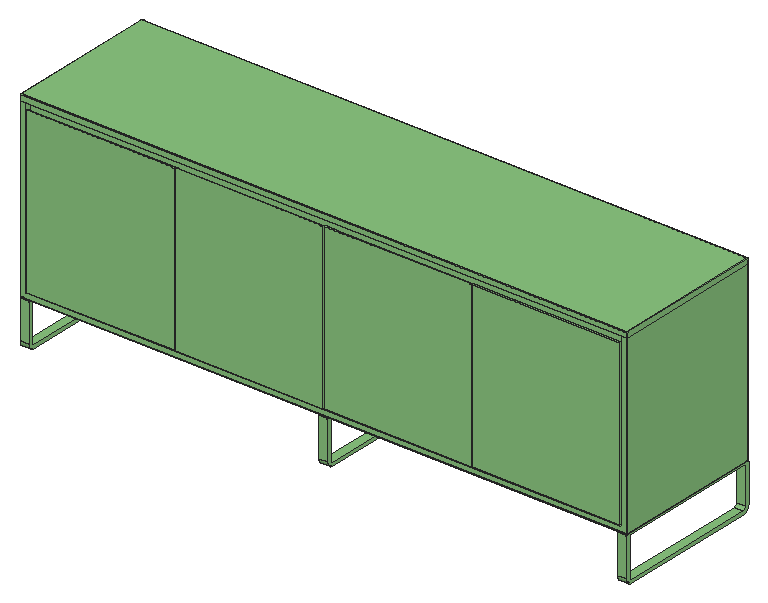
Revit family "Furniture-Sideboard-Casual-Naughtone-Sideboard", category Furniture, Revit 2014
Parameters (values of type "SID-2000")
  WarrantyStartDate = ""
  WarrantyGuarantorParts = "sales@naughtone.com"  # constant formula
  WarrantyGuarantorLabour = "sales@naughtone.com"  # constant formula
  WarrantyDuration = 60
  Uniclass = "Pr_40_30_78_81"  # constant formula
  URL = "http://www.naughtone.com"
  TypeName = "2000mmx500mmx750mm, Sideboard"
  Type Comments = "Sideboard"
  TagNumber = 0
  Straight Leg 1200mm [instance] = if(Length < 1600 mm, Leg Option 1200mm, Functional Parameter)  # no
  Straight Leg [instance] = if(Length > 1300 mm, Leg Option, Functional Parameter)  # no
  Sled Leg 1200mm [instance] = if(Length > 1300 mm, Functional Parameter, not(Straight Leg 1200mm))  # no
  Sled Leg [instance] = if(Length > 1300 mm, not(Straight Leg), Functional Parameter)  # yes
  SerialNumber = 0
  Straight Base [instance] = no
  Product URL = "http://www.naughtone.com/portfolio-view/sideboard"  # constant formula
  Product Code = "SID-2000"
  Option [instance] = if(Straight Base, "Straight Legs", "Sled Base")  # "Sled Base"
  Open Doors [instance] = no
  Open / Close [instance] = if(Open Doors, 30.00°, 0.00°)  # 0.00°
  Name = "Furniture-Storage-Casual-Naughtone-Sideboard"  # constant formula
  Model = "Sideboard"
  Material Top [instance] = Metal-Paint_Finish-Matte_Green
  Material Feet/Bracket [instance] = Metal-Paint_Finish-Matte_Green
  Material Carcase & Doors [instance] = Metal-Paint_Finish-Matte_Green
  Manufacturer = "Naughtone"
  Length = 2000 mm
  Leg Option 1200mm [instance] = if(Length = 1200 mm, Straight Base, Functional Parameter)  # no
  Leg Option [instance] = if(Length > 1300 mm, Straight Base, Functional Parameter)  # no
  InstallationDate = ""
  Height = 750 mm  # constant formula
  Functional Parameter [instance] = no
  Features = ""
  Extidentifier = ""
  Description = "Sideboard"
  Depth = 500 mm  # constant formula
  Current Revision = 1  # constant formula
  Created On = "07.08.2014"  # constant formula
  Created By = "www.bimbox.co.uk"  # constant formula
  Cost = 0
  Contact Telephone Number = "+44 1423 816500"  # constant formula
  Contact Email Address = "sales@naughtone.com"
  COBie Description = "Designed by Naughtone, The naughtone sideboardfulfills its primary function of storage without question. Simply designed to sit unnoticed in a space it is a great companion product to naughtone tables and chairs which may demand a little more attention!"  # constant formula
  Barcode = 0
  Author = "BIMBox"  # constant formula
  AssetIdentifier = "SID-2000"
  Door 2000mm = yes
  Hinge Frame 2000mm = yes
  Hinge Frame 1600mm = no
  Door 1600mm = no
  Door 1200mm = no
  Additional Materials = "Additional material and finish options available. Please contact Naughtone direct for further information."  # constant formula
Types (3, lengths in mm): name | TypeName | Sled Leg 1200mm | Sled Leg | Product Code | Length | AssetIdentifier | Door 2000mm | Hinge Frame 2000mm | Hinge Frame 1600mm | Door 1600mm | Door 1200mm
  SID-2000 | "2000mmx500mmx750mm, Sideboard" | no | yes | "SID-2000" | 2000 | "SID-2000" | yes | yes | no | no | no
  SID-1600 | "1600mmx500mmx750mm, Sideboard" | no | yes | "SID-1600" | 1600 | "SID-1600" | no | no | yes | yes | no
  SID-1200 | "1200mmx500mmx750mm, Sideboard" | yes | no | "SID-1200" | 1200 | "SID-1200" | no | no | no | no | yes
Reference planes
  plane 1 "Center (Front/Back)": y = 0
  plane 2: z = 0
  plane 3 "Center (Left/Right)": x = 0
  plane 4 "Left Side": x = -1000
  plane 5 "Right Side": x = 1000
  plane 6: y = 250
  plane 7 "Front Face": y = -250
  plane 8: z = 750
  plane 9 "Base of Unit": z = 150
  plane 10 "Left Leg": x = -970
  plane 11 "Leg Right": x = 970
  plane 12 "Centre Leg Left": x = -15
  plane 13 "Centre Leg Right": x = 15
  plane 14: z = 732
  plane 15: y = 232
  plane 16: y = -232
  plane 17: y = -214
  plane 18 "fRAME RIGHT": x = 982
  plane 19: x = 260.25
  plane 20 "Straight leg right": x = 925
  plane 21 "straight leg left": x = -925
  plane 22 "Straight leg back": y = 175
  plane 23 "Straight leg front": y = -175
Forms (mm)
  Extrusion 1, solid, material "Metal-Paint_Finish-Matte_Green" <- "Material Carcase & Doors"
    sketch origin (0, 0, 150) x (-1, 0, 0) y (0, -1, 0)
      loop
        arc (998, -250) -> (999.414, -249.414) -> (1000, -248) r 2
        line (1000, -248) -> (1000, 248)
        arc (1000, 248) -> (999.414, 249.414) -> (998, 250) r 2
        line (998, 250) -> (-998, 250)
        arc (-998, 250) -> (-999.414, 249.414) -> (-1000, 248) r 2
        line (-1000, 248) -> (-1000, -248)
        arc (-1000, -248) -> (-999.414, -249.414) -> (-998, -250) r 2
        line (-998, -250) -> (998, -250)
    from 0 to 582
  Extrusion 2, solid, material "Metal-Paint_Finish-Matte_Green" <- "Material Carcase & Doors", visible <- "Hinge Frame 2000mm"
    sketch origin (0, -250, 0) x (-1, 0, 0) y (0, 0, 1)
      loop
        line (9, 168) -> (9, 696) -> (-9, 696) -> (-9, 168) -> (9, 168)
    from 18 to 482
  Extrusion 3, solid, material "Metal-Paint_Finish-Matte_Green" <- "Material Top"
    sketch origin (0, 0, 326) x (-1, 0, 0) y (0, -1, 0)
      loop
        arc (998, -250) -> (999.414, -249.414) -> (1000, -248) r 2
        line (1000, -248) -> (1000, 248)
        arc (1000, 248) -> (999.414, 249.414) -> (998, 250) r 2
        line (998, 250) -> (-998, 250)
        arc (-998, 250) -> (-999.414, 249.414) -> (-1000, 248) r 2
        line (-1000, 248) -> (-1000, -248)
        arc (-1000, -248) -> (-999.414, -249.414) -> (-998, -250) r 2
        line (-998, -250) -> (998, -250)
    from 406 to 424
  Extrusion 4, solid, material "Metal-Paint_Finish-Matte_Green" <- "Material Carcase & Doors"
    sketch origin (0, -250, 0) x (-1, 0, 0) y (0, 0, 1)
      loop
        line (982, 732) -> (-982, 732) -> (-982, 696) -> (982, 696) -> (982, 732)
    from 18 to 36
  Extrusion 5, void
    sketch origin (0, -250, 0) x (-1, 0, 0) y (0, 0, 1)
      loop
        line (982, 168) -> (982, 732) -> (-982, 732) -> (-982, 168) -> (982, 168)
    from 0 to 482
  Extrusion 6, solid, material "Metal-Paint_Finish-Matte_Green" <- "Material Carcase & Doors", visible <- "Hinge Frame 1600mm"
    sketch origin (0, -250, 0) x (-1, 0, 0) y (0, 0, 1)
      loop
        line (-251.25, 696) -> (-269.25, 696) -> (-269.25, 168) -> (-251.25, 168) -> (-251.25, 696)
    from 18 to 482
  Extrusion 7, void
    sketch origin (0, -250, 0) x (-1, 0, 0) y (0, 0, 1)
      loop
        line (-1000, 750) -> (-1000, 748)
        arc (-1000, 748) -> (-999.414, 749.414) -> (-998, 750) r 2
        line (-998, 750) -> (-1000, 750)
    from 0 to 500
  Extrusion 8, void
    sketch origin (-1000, 0, 0) x (0, 1, 0) y (0, 0, 1)
      loop
        arc (-250, 748) -> (-249.414, 749.414) -> (-248, 750) r 2
        line (-248, 750) -> (-250, 750) -> (-250, 748)
    from -19.734 to 2000
  Extrusion 9, void
    sketch origin (0, -250, 0) x (-1, 0, 0) y (0, 0, 1)
      loop
        line (-1000, 150) -> (-998, 150)
        arc (-998, 150) -> (-999.414, 150.586) -> (-1000, 152) r 2
        line (-1000, 152) -> (-1000, 150)
    from -36.248 to 525.248
  Extrusion 10, void
    sketch origin (0, -250, 0) x (-1, 0, 0) y (0, 0, 1)
      loop
        line (1000, 150) -> (1000, 152)
        arc (1000, 152) -> (999.414, 150.586) -> (998, 150) r 2
        line (998, 150) -> (1000, 150)
    from -17.365 to 511.974
  Extrusion 11, void
    sketch origin (0, -250, 0) x (-1, 0, 0) y (0, 0, 1)
      loop
        line (1000, 750) -> (998, 750)
        arc (998, 750) -> (999.414, 749.414) -> (1000, 748) r 2
        line (1000, 748) -> (1000, 750)
    from -17.108 to 517.467
  Extrusion 12, void
    sketch origin (-1000, 0, 0) x (0, 1, 0) y (0, 0, 1)
      loop
        line (250, 748) -> (250, 750) -> (248, 750)
        arc (248, 750) -> (249.414, 749.414) -> (250, 748) r 2
    from -30.55 to 2013.534
  Extrusion 13, void
    sketch origin (-1000, 0, 0) x (0, 1, 0) y (0, 0, 1)
      loop
        arc (-248, 150) -> (-249.414, 150.586) -> (-250, 152) r 2
        line (-250, 152) -> (-250, 150) -> (-248, 150)
    from -32.041 to 2030.241
  Extrusion 14, void
    sketch origin (-1000, 0, 0) x (0, 1, 0) y (0, 0, 1)
      loop
        line (250, 150) -> (250, 152)
        arc (250, 152) -> (249.414, 150.586) -> (248, 150) r 2
        line (248, 150) -> (250, 150)
    from 0 to 2000
  Extrusion 15, void
    sketch origin (-1970, -250, 0) x (1, 0, 0) y (0, 0, -1)
      loop
        line (1000, -150) -> (1000, -148)
        arc (1000, -148) -> (999.414, -149.414) -> (998, -150) r 2
        line (998, -150) -> (1000, -150)
    from 0 to 500
Cuts and joins
  Extrusion 5, Extrusion 9, Extrusion 10, Extrusion 13, Extrusion 14 cuts Extrusion 1
  Extrusion 13, Extrusion 14 cuts Extrusion 4
  joined: Extrusion 1, Extrusion 4
  Extrusion 7, Extrusion 8, Extrusion 11, Extrusion 12 cuts Extrusion 3
Dimensions and locks
  equal spacing: plane 4 "Left Side", plane 3 "Center (Left/Right)", plane 5 "Right Side"
  "Length": plane 4 "Left Side" to plane 5 "Right Side"
  equal spacing: plane 6, plane 1 "Center (Front/Back)", plane 7 "Front Face"
  "Depth": plane 6 to plane 7 "Front Face"
  "Height": plane 8 to level
  locked: plane 9 "Base of Unit" to level at 150
  locked: plane 5 "Right Side" to plane 11 "Leg Right" at 30
  locked: plane 10 "Left Leg" to plane 4 "Left Side" at 30
  equal spacing: plane 12 "Centre Leg Left", plane 3 "Center (Left/Right)", plane 13 "Centre Leg Right"
  locked: plane 8 to plane 14 at 18
  locked: plane 6 to plane 15 at 18
  locked: plane 16 to plane 7 "Front Face" at 18
  Extrusion 3 to Extrusion 4 sketch curve = 36 mm
  Extrusion 3 to Extrusion 4 = 36 mm
  locked: plane 18 "fRAME RIGHT" to plane 5 "Right Side" at 18
  locked: plane 5 "Right Side" to Extrusion 4 at 18
  locked: Extrusion 5 sketch curve to plane 4 "Left Side" at 18
  locked: plane 23 "Straight leg front" to plane 7 "Front Face" at 75
  locked: plane 20 "Straight leg right" to plane 5 "Right Side" at 75
  locked: plane 6 to plane 22 "Straight leg back" at 75
  locked: plane 4 "Left Side" to plane 21 "straight leg left" at 75
  aligned and locked: level to plane 2
  aligned and locked: Extrusion 1 sketch curve to plane 6
  aligned and locked: plane 4 "Left Side" to Extrusion 1 sketch curve
  aligned and locked: plane 7 "Front Face" to Extrusion 1 sketch curve
  aligned and locked: Extrusion 1 sketch curve to plane 5 "Right Side"
  aligned and locked: plane 8 to Extrusion 3
  aligned and locked: Extrusion 3 to plane 14
  aligned and locked: plane 15 to Extrusion 2
  aligned and locked: Extrusion 2 to plane 16
  aligned and locked: Extrusion 4 sketch curve to plane 14
  aligned and locked: Extrusion 4 to plane 16
  aligned and locked: plane 17 to Extrusion 4
  aligned and locked: plane 5 "Right Side" to Extrusion 3
  aligned and locked: plane 18 "fRAME RIGHT" to Extrusion 4
  aligned and locked: Extrusion 5 sketch curve to plane 18 "fRAME RIGHT"
  aligned and locked: Extrusion 5 sketch curve to plane 14
  aligned and locked: plane 15 to Extrusion 5
  aligned and locked: plane 14 to cut or joined group of Extrusion 1, Extrusion 4, Extrusion 5, Extrusion 9, Extrusion 10, Extrusion 13, Extrusion 14
  aligned and locked: Extrusion 7 sketch curve to plane 5 "Right Side"
  aligned and locked: Extrusion 7 sketch curve to Extrusion 3
  aligned and locked: plane 4 "Left Side" to nested 10
  aligned and locked: plane 4 "Left Side" to nested 13
  aligned and locked: plane 5 "Right Side" to nested 13
Automatic sketch dimensions
  Extrusion 1 sketch curve to plane 5 "Right Side" = 2 mm
  Extrusion 1 sketch curve to Extrusion 1 sketch curve = 2 mm
  plane 4 "Left Side" to Extrusion 1 sketch curve = 2 mm  (x2)
  Extrusion 2 sketch curve to plane 13 "Centre Leg Right" = 6 mm
  plane 12 "Centre Leg Left" to Extrusion 2 sketch curve = 6 mm
  plane 9 "Base of Unit" to Extrusion 2 sketch curve = 18 mm
  Extrusion 2 sketch curve to plane 14 = 36 mm
  Extrusion 3 sketch curve to plane 7 "Front Face" = 0 mm
  Extrusion 3 sketch curve to plane 6 = 0 mm
  Extrusion 3 sketch curve to plane 5 "Right Side" = 2 mm  (x2)
  plane 4 "Left Side" to Extrusion 3 sketch curve = 2 mm  (x2)
  Extrusion 4 sketch curve to plane 18 "fRAME RIGHT" = 0 mm
  Extrusion 4 sketch curve to plane 10 "Left Leg" = 12 mm
  plane 9 "Base of Unit" to Extrusion 5 sketch curve = 18 mm
  Extrusion 6 sketch curve to plane 19 = 9 mm
  plane 19 to Extrusion 6 sketch curve = 9 mm
  plane 9 "Base of Unit" to Extrusion 6 sketch curve = 18 mm
  Extrusion 6 sketch curve to plane 14 = 36 mm
  Extrusion 7 sketch curve to Extrusion 7 sketch curve = 2 mm
  Extrusion 7 sketch curve to Extrusion 7 sketch curve = 0 mm
  Extrusion 8 sketch curve to plane 7 "Front Face" = 0 mm  (x2)
  Extrusion 8 sketch curve to plane 8 = 0 mm  (x2)
  plane 7 "Front Face" to Extrusion 8 sketch curve = 2 mm
  Extrusion 8 sketch curve to Extrusion 8 sketch curve = 0 mm  (x2)
  Extrusion 9 sketch curve to plane 5 "Right Side" = 0 mm
  Extrusion 9 sketch curve to plane 9 "Base of Unit" = 0 mm
  Extrusion 9 sketch curve to plane 5 "Right Side" = 2 mm
  Extrusion 10 sketch curve to plane 9 "Base of Unit" = 0 mm
  Extrusion 10 sketch curve to plane 4 "Left Side" = 0 mm
  plane 4 "Left Side" to Extrusion 10 sketch curve = 2 mm
  Extrusion 11 sketch curve to plane 8 = 0 mm  (x2)
  Extrusion 11 sketch curve to plane 4 "Left Side" = 0 mm
  Extrusion 11 sketch curve to Extrusion 11 sketch curve = 2 mm
  Extrusion 11 sketch curve to Extrusion 11 sketch curve = 0 mm
  Extrusion 12 sketch curve to plane 8 = 0 mm  (x2)
  Extrusion 12 sketch curve to plane 6 = 0 mm  (x2)
  Extrusion 12 sketch curve to Extrusion 12 sketch curve = 2 mm
  Extrusion 12 sketch curve to Extrusion 12 sketch curve = 0 mm  (x2)
  Extrusion 13 sketch curve to plane 7 "Front Face" = 0 mm  (x2)
  Extrusion 13 sketch curve to plane 9 "Base of Unit" = 0 mm  (x2)
  plane 7 "Front Face" to Extrusion 13 sketch curve = 2 mm
  Extrusion 13 sketch curve to Extrusion 13 sketch curve = 0 mm  (x2)
  Extrusion 14 sketch curve to plane 9 "Base of Unit" = 0 mm  (x2)
  Extrusion 14 sketch curve to plane 6 = 0 mm  (x2)
  Extrusion 14 sketch curve to Extrusion 14 sketch curve = 2 mm
  Extrusion 14 sketch curve to Extrusion 14 sketch curve = 0 mm  (x2)
  Extrusion 15 sketch curve to plane 9 "Base of Unit" = 0 mm
  Extrusion 15 sketch curve to plane 10 "Left Leg" = 0 mm
  Extrusion 15 sketch curve to Extrusion 15 sketch curve = 2 mm
  Extrusion 3 sketch curve to plane 5 "Right Side" = 0 mm
  Extrusion 3 sketch curve to plane 4 "Left Side" = 0 mm
Nested families
  nested 1: "Sideboard-517mm_Closed_Door_Left" at (-779, -250, 0), Material Carcase & Doors <- "Material Carcase & Doors", visible <- "Door 1600mm", Open / Close <- "Open / Close", type "Sideboard-517mm_Closed_Door_Left"
    with Open / Close 0.00°, Material Carcase & Doors Metal-Paint_Finish-Matte_Green, Frame Length 517 mm
  nested 2: "Sideboard-517mm_Open-Close_Door_Right" at (779, -250, 0), Open / Close <- "Open / Close", Material Carcase & Doors <- "Material Carcase & Doors", visible <- "Door 1600mm", type "Sideboard-517mm_Open-Close_Door_Right"
    with Open / Close 0.00°, Material Carcase & Doors Metal-Paint_Finish-Matte_Green, Frame Length 517 mm
  nested 3: "Sideboard-517mm_Open-Close_Door_Right" at (258.25, -250, 0), Open / Close <- "Open / Close", Material Carcase & Doors <- "Material Carcase & Doors", visible <- "Door 1600mm", type "Sideboard-517mm_Open-Close_Door_Right"
    with Open / Close 0.00°, Material Carcase & Doors Metal-Paint_Finish-Matte_Green, Frame Length 517 mm
  nested 4: "Sideboard-486mm_Closed_Door_Left" at (3, -250, 0), Material Carcase & Doors <- "Material Carcase & Doors", visible <- "Door 2000mm", Open / Close <- "Open / Close", type "Sideboard-486mm_Closed_Door_Left"
    with Open / Close 0.00°, Material Carcase & Doors Metal-Paint_Finish-Matte_Green, Frame Length 486 mm
  nested 5: "Sideboard-486mm_Closed_Door_Left" at (-978, -250, 0), Material Carcase & Doors <- "Material Carcase & Doors", visible <- "Door 2000mm", Open / Close <- "Open / Close", type "Sideboard-486mm_Closed_Door_Left"
    with Open / Close 0.00°, Material Carcase & Doors Metal-Paint_Finish-Matte_Green, Frame Length 486 mm
  nested 6: "Sideboard-486mm_Open-Close_Door_Right" at (-3, -250, 0), Open / Close <- "Open / Close", Material Carcase & Doors <- "Material Carcase & Doors", visible <- "Door 2000mm", type "Sideboard-486mm_Open-Close_Door_Right"
    with Open / Close 0.00°, Material Carcase & Doors Metal-Paint_Finish-Matte_Green, Frame Length 486 mm
  nested 7: "Sideboard-486mm_Open-Close_Door_Right" at (978, -250, 0), Open / Close <- "Open / Close", Material Carcase & Doors <- "Material Carcase & Doors", visible <- "Door 2000mm", type "Sideboard-486mm_Open-Close_Door_Right"
    with Open / Close 0.00°, Material Carcase & Doors Metal-Paint_Finish-Matte_Green, Frame Length 486 mm
  nested 8: "Sideboard-577mm_Closed_Door_Left" at (-578, -250, 0), visible <- "Door 1200mm", Open / Close <- "Open / Close", Material Carcase & Doors <- "Material Carcase & Doors", type "Sideboard-577mm_Closed_Door_Left"
    with Open / Close 0.00°, Material Carcase & Doors Metal-Paint_Finish-Matte_Green, Frame Length 577 mm
  nested 9: "Sideboard-577mm_Open-Close_Door_Right" at (578, -250, 0), visible <- "Door 1200mm", Open / Close <- "Open / Close", Material Carcase & Doors <- "Material Carcase & Doors", type "Sideboard-577mm_Open-Close_Door_Right"
    with Open / Close 0.00°, Material Carcase & Doors Metal-Paint_Finish-Matte_Green, Frame Length 577 mm
  nested 10: "Sled Base" at (-1000, -250, 0), Length <- "Length", Depth <- "Depth", visible <- "Sled Leg", Material Feet/Bracket <- "Material Feet/Bracket", type "Sled Base"
    with Material Feet/Bracket Metal-Paint_Finish-Matte_Green, Length 2000 mm, Depth 500 mm
  nested 11: "Sled Base 1200mm" at (-600, -250, 0), visible <- "Sled Leg 1200mm", Material Feet/Bracket <- "Material Feet/Bracket", type "Sled Base 1200mm"
    with Material Feet/Bracket Metal-Paint_Finish-Matte_Green, Length 1200 mm, Depth 500 mm
  nested 12: "Straight Leg 1200mm" at (-600, -250, 0), Material Feet/Bracket <- "Material Feet/Bracket", Depth <- "Depth", visible <- "Straight Leg 1200mm", type "Straight Leg 1200mm"
    with Material Feet/Bracket Metal-Paint_Finish-Matte_Green, Length 1200 mm, Depth 500 mm
  nested 13: "Straight Leg 1600-2000mm" at (-1000, -250, 0), Length <- "Length", Depth <- "Depth", Material Feet/Bracket <- "Material Feet/Bracket", visible <- "Straight Leg", type "Straight Leg 1600-2000mm"
    with Material Feet/Bracket Metal-Paint_Finish-Matte_Green, Length 2000 mm, Depth 500 mm
Definition of nested family "Sideboard-517mm_Closed_Door_Left"
  Parameters (values of type "Sideboard-517mm_Closed_Door_Left")
    Open / Close [instance] = 30.00°
    Material Carcase & Doors [instance] = none
    Frame Length [instance] = 517 mm
  Reference planes
    plane 1 "Center (Front/Back)": y = 0
    plane 2: z = 0
    plane 3 "Center (Left/Right)": x = 0
    plane 4 "Door Bottom": z = 172
    plane 5: z = 714
  Forms (mm)
    Extrusion 1, solid, material <- "Material Carcase & Doors"
      sketch origin (447.735, -258.5, 0) x (-0.866025, 0.5, 0) y (-0.5, -0.866025, 0)
        loop
          line (0, 0) -> (0, -16) -> (517, -16) -> (517, 0) -> (0, 0)
      from 172 to 714
    Extrusion 2, void
      sketch origin (8, 13.856, 0) x (0.5, 0.866025, 0) y (0, 0, 1)
        loop
          line (9, 685.601) -> (9, 720) -> (-16, 720) -> (-16, 711.662)
          arc (-16, 711.662) -> (-13.904, 711.356) -> (-12.123, 710.209) r 5
          line (-12.123, 710.209) -> (9, 685.601)
      from -16.488 to 601.724
  Cuts and joins
    Extrusion 2 cuts Extrusion 1
  Lines and regions (mm)
    reference lines
      curve 1: line (447.735, -258.5, 0) -> (0, 0, 0)
  Dimensions and locks
    "Frame Length": curve 1 to curve 1
    locked: plane 5 to plane 4 "Door Bottom" at 542
    plane 4 "Door Bottom" to level = 172 mm
    "Open / Close": angle curve 1 to plane 1 "Center (Front/Back)"
    aligned and locked: level to plane 2
    aligned and locked: plane 3 "Center (Left/Right)" to curve 1
    aligned and locked: plane 1 "Center (Front/Back)" to curve 1
    aligned and locked: plane 4 "Door Bottom" to Extrusion 1
    aligned and locked: plane 5 to Extrusion 1
  Automatic sketch dimensions
    Extrusion 1 sketch curve to curve 1 = 0 mm  (x3)
    Extrusion 1 sketch curve to curve 1 = 16 mm
    Extrusion 1 to Extrusion 2 sketch curve = 6 mm
    Extrusion 2 sketch curve to Extrusion 1 = 0 mm
    Extrusion 2 sketch curve to Extrusion 1 = 0.341 mm
    Extrusion 2 sketch curve to Extrusion 1 = 3.877 mm
    Extrusion 1 to Extrusion 2 sketch curve = 9 mm
    Extrusion 2 sketch curve to Extrusion 1 = 2.338 mm
    Extrusion 2 sketch curve to Extrusion 2 sketch curve = 1.453 mm
    Extrusion 2 sketch curve to Extrusion 2 sketch curve = 24.608 mm
Definition of nested family "Sideboard-517mm_Open-Close_Door_Right"
  Parameters (values of type "Sideboard-517mm_Open-Close_Door_Right")
    Open / Close [instance] = 10.00°
    Material Carcase & Doors [instance] = none
    Frame Length [instance] = 517 mm
    Door Base = 172 mm
  Reference planes
    plane 1 "Center (Front/Back)": y = 0
    plane 2: z = 0
    plane 3 "Center (Left/Right)": x = 0
    plane 4: z = 172
    plane 5: z = 714
  Forms (mm)
    Extrusion 1, solid, material <- "Material Carcase & Doors"
      sketch origin (-3.126, 17.727, 0) x (-0.984808, -0.173648, 0) y (0.173648, -0.984808, 0)
        loop
          line (0, 2) -> (517, 2) -> (517, 18) -> (0, 18) -> (0, 2)
      from 172 to 714
    Extrusion 2, void
      sketch origin (-511.924, -74.019, 0) x (0.173648, -0.984808, 0) y (0, 0, 1)
        loop
          line (-4.089, 725.425) -> (-4.089, 691.34) -> (12.034, 710.123)
          arc (12.034, 710.123) -> (13.815, 711.27) -> (15.911, 711.576) r 5
          line (15.911, 711.576) -> (15.911, 725.425) -> (-4.089, 725.425)
      from -570.748 to 48.214
  Cuts and joins
    Extrusion 2 cuts Extrusion 1
  Lines and regions (mm)
    reference lines
      curve 1: line (0, 0, 0) -> (-509.146, -89.776, 0)
  Dimensions and locks
    "Frame Length": curve 1 to curve 1
    "Door Base": plane 4 to level
    "Open / Close": angle plane 1 "Center (Front/Back)" to curve 1
    aligned and locked: level to plane 2
    aligned and locked: plane 1 "Center (Front/Back)" to curve 1
    aligned and locked: plane 3 "Center (Left/Right)" to curve 1
    aligned and locked: Extrusion 1 sketch curve to curve 1  (x2)
    aligned and locked: plane 5 to Extrusion 1
    aligned and locked: Extrusion 1 to plane 4
  Automatic sketch dimensions
    curve 1 to Extrusion 1 sketch curve = 16 mm
    curve 1 to Extrusion 1 sketch curve = 0 mm
    Extrusion 1 to Extrusion 2 sketch curve = 4.089 mm
    Extrusion 2 sketch curve to Extrusion 1 = 3.966 mm
    Extrusion 2 sketch curve to Extrusion 1 = 0.43 mm
    Extrusion 2 sketch curve to Extrusion 1 = 0.089 mm
    Extrusion 1 to Extrusion 2 sketch curve = 22.66 mm
    Extrusion 1 to Extrusion 2 sketch curve = 7.413 mm
    Extrusion 1 to Extrusion 2 sketch curve = 3.877 mm
    Extrusion 2 sketch curve to Extrusion 1 = 11.425 mm
Definition of nested family "Sideboard-486mm_Closed_Door_Left"
  Parameters (values of type "Sideboard-486mm_Closed_Door_Left")
    Open / Close [instance] = 30.00°
    Material Carcase & Doors [instance] = none
    Frame Length [instance] = 486 mm
  Reference planes
    plane 1 "Center (Front/Back)": y = 0
    plane 2: z = 0
    plane 3 "Center (Left/Right)": x = 0
    plane 4 "Door Bottom": z = 172
    plane 5: z = 714
  Forms (mm)
    Extrusion 1, solid, material <- "Material Carcase & Doors"
      sketch origin (420.888, -243, 0) x (-0.866025, 0.5, 0) y (-0.5, -0.866025, 0)
        loop
          line (0, 0) -> (0, -16) -> (486, -16) -> (486, 0) -> (0, 0)
      from 172 to 714
    Extrusion 2, void
      sketch origin (8, 13.856, 0) x (0.5, 0.866025, 0) y (0, 0, 1)
        loop
          line (9, 685.601) -> (9, 720) -> (-16, 720) -> (-16, 711.662)
          arc (-16, 711.662) -> (-13.904, 711.356) -> (-12.123, 710.209) r 5
          line (-12.123, 710.209) -> (9, 685.601)
      from -16.488 to 601.724
  Cuts and joins
    Extrusion 2 cuts Extrusion 1
  Lines and regions (mm)
    reference lines
      curve 1: line (420.888, -243, 0) -> (0, 0, 0)
  Dimensions and locks
    "Frame Length": curve 1 to curve 1
    locked: plane 5 to plane 4 "Door Bottom" at 542
    plane 4 "Door Bottom" to level = 172 mm
    "Open / Close": angle curve 1 to plane 1 "Center (Front/Back)"
    aligned and locked: level to plane 2
    aligned and locked: plane 3 "Center (Left/Right)" to curve 1
    aligned and locked: plane 1 "Center (Front/Back)" to curve 1
    aligned and locked: plane 4 "Door Bottom" to Extrusion 1
    aligned and locked: plane 5 to Extrusion 1
  Automatic sketch dimensions
    Extrusion 1 sketch curve to curve 1 = 0 mm  (x3)
    Extrusion 1 sketch curve to curve 1 = 16 mm
    Extrusion 1 to Extrusion 2 sketch curve = 6 mm
    Extrusion 2 sketch curve to Extrusion 1 = 0 mm
    Extrusion 2 sketch curve to Extrusion 1 = 0.341 mm
    Extrusion 2 sketch curve to Extrusion 1 = 3.877 mm
    Extrusion 1 to Extrusion 2 sketch curve = 9 mm
    Extrusion 2 sketch curve to Extrusion 1 = 2.338 mm
    Extrusion 2 sketch curve to Extrusion 2 sketch curve = 1.453 mm
    Extrusion 2 sketch curve to Extrusion 2 sketch curve = 24.608 mm
Definition of nested family "Sideboard-486mm_Open-Close_Door_Right"
  Parameters (values of type "Sideboard-486mm_Open-Close_Door_Right")
    Open / Close [instance] = 45.00°
    Material Carcase & Doors [instance] = none
    Frame Length [instance] = 486 mm
    Door Base = 172 mm
  Reference planes
    plane 1 "Center (Front/Back)": y = 0
    plane 2: z = 0
    plane 3 "Center (Left/Right)": x = 0
    plane 4: z = 172
    plane 5: z = 714
  Forms (mm)
    Extrusion 1, solid, material <- "Material Carcase & Doors"
      sketch origin (-12.728, 12.728, 0) x (-0.707107, -0.707107, 0) y (0.707107, -0.707107, 0)
        loop
          line (0, 2) -> (486, 2) -> (486, 18) -> (0, 18) -> (0, 2)
      from 172 to 714
    Extrusion 2, void
      sketch origin (-356.382, -330.926, 0) x (0.707107, -0.707107, 0) y (0, 0, 1)
        loop
          line (1.911, 714) -> (1.911, 696) -> (14.034, 710.123)
          arc (14.034, 710.123) -> (15.815, 711.27) -> (17.911, 711.576) r 5
          line (17.911, 711.576) -> (17.911, 714) -> (1.911, 714)
      from -486 to 0
  Cuts and joins
    Extrusion 2 cuts Extrusion 1
  Lines and regions (mm)
    reference lines
      curve 1: line (0, 0, 0) -> (-343.654, -343.654, 0)
  Dimensions and locks
    "Frame Length": curve 1 to curve 1
    "Door Base": plane 4 to level
    "Open / Close": angle plane 1 "Center (Front/Back)" to curve 1
    aligned and locked: level to plane 2
    aligned and locked: plane 1 "Center (Front/Back)" to curve 1
    aligned and locked: plane 3 "Center (Left/Right)" to curve 1
    aligned and locked: Extrusion 1 sketch curve to curve 1  (x2)
    aligned and locked: plane 5 to Extrusion 1
    aligned and locked: Extrusion 1 to plane 4
  Automatic sketch dimensions
    curve 1 to Extrusion 1 sketch curve = 16 mm
    curve 1 to Extrusion 1 sketch curve = 0 mm
    Extrusion 2 sketch curve to Extrusion 1 = 0 mm
    Extrusion 2 sketch curve to Extrusion 1 = 0.089 mm
    Extrusion 1 to Extrusion 2 sketch curve = 0.089 mm
    Extrusion 1 to Extrusion 2 sketch curve = 2.424 mm
    Extrusion 2 sketch curve to Extrusion 1 = 0.43 mm
    Extrusion 2 sketch curve to Extrusion 2 sketch curve = 4.988 mm
    Extrusion 1 to Extrusion 2 sketch curve = 3.877 mm
    Extrusion 1 to Extrusion 2 sketch curve = 18 mm
Definition of nested family "Sideboard-577mm_Closed_Door_Left"
  Parameters (values of type "Sideboard-577mm_Closed_Door_Left")
    Open / Close [instance] = 30.00°
    Material Carcase & Doors [instance] = none
    Frame Length [instance] = 577 mm
  Reference planes
    plane 1 "Center (Front/Back)": y = 0
    plane 2: z = 0
    plane 3 "Center (Left/Right)": x = 0
    plane 4 "Door Bottom": z = 172
    plane 5: z = 714
  Forms (mm)
    Extrusion 1, solid, material <- "Material Carcase & Doors"
      sketch origin (499.697, -288.5, 0) x (-0.866025, 0.5, 0) y (-0.5, -0.866025, 0)
        loop
          line (0, 0) -> (0, -16) -> (577, -16) -> (577, 0) -> (0, 0)
      from 172 to 714
    Extrusion 2, void
      sketch origin (8, 13.856, 0) x (0.5, 0.866025, 0) y (0, 0, 1)
        loop
          line (9, 685.601) -> (9, 720) -> (-16, 720) -> (-16, 711.662)
          arc (-16, 711.662) -> (-13.904, 711.356) -> (-12.123, 710.209) r 5
          line (-12.123, 710.209) -> (9, 685.601)
      from -16.488 to 601.724
  Cuts and joins
    Extrusion 2 cuts Extrusion 1
  Lines and regions (mm)
    reference lines
      curve 1: line (499.697, -288.5, 0) -> (0, 0, 0)
  Dimensions and locks
    "Frame Length": curve 1 to curve 1
    locked: plane 5 to plane 4 "Door Bottom" at 542
    plane 4 "Door Bottom" to level = 172 mm
    "Open / Close": angle curve 1 to plane 1 "Center (Front/Back)"
    aligned and locked: level to plane 2
    aligned and locked: plane 3 "Center (Left/Right)" to curve 1
    aligned and locked: plane 1 "Center (Front/Back)" to curve 1
    aligned and locked: plane 4 "Door Bottom" to Extrusion 1
    aligned and locked: plane 5 to Extrusion 1
  Automatic sketch dimensions
    Extrusion 1 sketch curve to curve 1 = 0 mm  (x3)
    Extrusion 1 sketch curve to curve 1 = 16 mm
    Extrusion 1 to Extrusion 2 sketch curve = 6 mm
    Extrusion 2 sketch curve to Extrusion 1 = 0 mm
    Extrusion 2 sketch curve to Extrusion 1 = 0.341 mm
    Extrusion 2 sketch curve to Extrusion 1 = 3.877 mm
    Extrusion 1 to Extrusion 2 sketch curve = 9 mm
    Extrusion 2 sketch curve to Extrusion 1 = 2.338 mm
    Extrusion 2 sketch curve to Extrusion 2 sketch curve = 1.453 mm
    Extrusion 2 sketch curve to Extrusion 2 sketch curve = 24.608 mm
Definition of nested family "Sideboard-577mm_Open-Close_Door_Right"
  Parameters (values of type "Sideboard-577mm_Open-Close_Door_Right")
    Open / Close [instance] = 40.00°
    Material Carcase & Doors [instance] = none
    Frame Length [instance] = 577 mm
    Door Base = 172 mm
  Reference planes
    plane 1 "Center (Front/Back)": y = 0
    plane 2: z = 0
    plane 3 "Center (Left/Right)": x = 0
    plane 4: z = 172
    plane 5: z = 714
  Forms (mm)
    Extrusion 1, solid, material <- "Material Carcase & Doors"
      sketch origin (-11.57, 13.789, 0) x (-0.766044, -0.642788, 0) y (0.642788, -0.766044, 0)
        loop
          line (0, 2) -> (577, 2) -> (577, 18) -> (0, 18) -> (0, 2)
      from 172 to 714
    Extrusion 2, void
      sketch origin (-452.292, -358.632, 0) x (0.642788, -0.766044, 0) y (0, 0, 1)
        loop
          line (-9.089, 719.914) -> (-9.089, 685.515) -> (12.034, 710.123)
          arc (12.034, 710.123) -> (13.815, 711.27) -> (15.911, 711.576) r 5
          line (15.911, 711.576) -> (15.911, 719.914) -> (-9.089, 719.914)
      from -644.597 to 48.214
  Cuts and joins
    Extrusion 2 cuts Extrusion 1
  Lines and regions (mm)
    reference lines
      curve 1: line (0, 0, 0) -> (-442.008, -370.888, 0)
  Dimensions and locks
    "Frame Length": curve 1 to curve 1
    "Door Base": plane 4 to level
    "Open / Close": angle plane 1 "Center (Front/Back)" to curve 1
    aligned and locked: level to plane 2
    aligned and locked: plane 1 "Center (Front/Back)" to curve 1
    aligned and locked: plane 3 "Center (Left/Right)" to curve 1
    aligned and locked: Extrusion 1 sketch curve to curve 1  (x2)
    aligned and locked: plane 5 to Extrusion 1
    aligned and locked: Extrusion 1 to plane 4
  Automatic sketch dimensions
    curve 1 to Extrusion 1 sketch curve = 16 mm
    curve 1 to Extrusion 1 sketch curve = 0 mm
    Extrusion 1 to Extrusion 2 sketch curve = 9.089 mm
    Extrusion 2 sketch curve to Extrusion 1 = 3.966 mm
    Extrusion 2 sketch curve to Extrusion 1 = 0.43 mm
    Extrusion 2 sketch curve to Extrusion 1 = 0.089 mm
    Extrusion 1 to Extrusion 2 sketch curve = 28.485 mm
    Extrusion 1 to Extrusion 2 sketch curve = 7.413 mm
    Extrusion 1 to Extrusion 2 sketch curve = 3.877 mm
    Extrusion 2 sketch curve to Extrusion 1 = 5.914 mm
Definition of nested family "Sled Base"
  Parameters (values of type "Sled Base")
    Material Feet/Bracket [instance] = none
    Length [instance] = 2000 mm
    Depth [instance] = 500 mm
  Reference planes
    plane 1 "Center (Front/Back)": y = 0
    plane 2: z = 0
    plane 3 "Center (Left/Right)": x = 0
    plane 4: x = 2000
    plane 5: y = 500
    plane 6: x = 30
    plane 7: x = 1970
    plane 8: x = 1000
    plane 9: x = 1015
    plane 10: x = 985
    plane 11: z = 150
  Forms (mm)
    Extrusion 1, solid, material <- "Material Feet/Bracket"
      sketch origin (0, 0, 0) x (0, 1, 0) y (0, 0, 1)
        loop
          line (498, 150) -> (2, 150)
          arc (2, 150) -> (0.586, 149.414) -> (0, 148) r 2
          line (0, 148) -> (0, 20)
          arc (0, 20) -> (5.858, 5.858) -> (20, 0) r 20
          line (20, 0) -> (480, 0)
          arc (480, 0) -> (494.142, 5.858) -> (500, 20) r 20
          line (500, 20) -> (500, 148)
          arc (500, 148) -> (499.414, 149.414) -> (498, 150) r 2
        loop
          line (490, 20) -> (490, 145) -> (10, 145) -> (10, 20)
          arc (10, 20) -> (12.929, 12.929) -> (20, 10) r 10
          line (20, 10) -> (480, 10)
          arc (480, 10) -> (487.071, 12.929) -> (490, 20) r 10
      from 0 to 30
    Extrusion 2, solid, material <- "Material Feet/Bracket"
      sketch origin (985, 0, 0) x (0, 1, 0) y (0, 0, 1)
        loop
          line (498, 150) -> (2, 150)
          arc (2, 150) -> (0.586, 149.414) -> (0, 148) r 2
          line (0, 148) -> (0, 20)
          arc (0, 20) -> (5.858, 5.858) -> (20, 0) r 20
          line (20, 0) -> (480, 0)
          arc (480, 0) -> (494.142, 5.858) -> (500, 20) r 20
          line (500, 20) -> (500, 148)
          arc (500, 148) -> (499.414, 149.414) -> (498, 150) r 2
        loop
          line (490, 20) -> (490, 145) -> (10, 145) -> (10, 20)
          arc (10, 20) -> (12.929, 12.929) -> (20, 10) r 10
          line (20, 10) -> (480, 10)
          arc (480, 10) -> (487.071, 12.929) -> (490, 20) r 10
      from 0 to 30
    Extrusion 3, solid, material <- "Material Feet/Bracket"
      sketch origin (1970, 0, 0) x (0, 1, 0) y (0, 0, 1)
        loop
          line (498, 150) -> (2, 150)
          arc (2, 150) -> (0.586, 149.414) -> (0, 148) r 2
          line (0, 148) -> (0, 20)
          arc (0, 20) -> (5.858, 5.858) -> (20, 0) r 20
          line (20, 0) -> (480, 0)
          arc (480, 0) -> (494.142, 5.858) -> (500, 20) r 20
          line (500, 20) -> (500, 148)
          arc (500, 148) -> (499.414, 149.414) -> (498, 150) r 2
        loop
          line (490, 20) -> (490, 145) -> (10, 145) -> (10, 20)
          arc (10, 20) -> (12.929, 12.929) -> (20, 10) r 10
          line (20, 10) -> (480, 10)
          arc (480, 10) -> (487.071, 12.929) -> (490, 20) r 10
      from 0 to 30
  Dimensions and locks
    plane 11 to level = 150 mm
    "Length": plane 3 "Center (Left/Right)" to plane 4
    "Depth": plane 1 "Center (Front/Back)" to plane 5
    equal spacing: plane 3 "Center (Left/Right)", plane 8, plane 4
    equal spacing: plane 10, plane 8, plane 9
    locked: plane 7 to plane 4 at 30
    locked: plane 10 to plane 9 at 30
    aligned and locked: level to plane 2
    aligned and locked: Extrusion 2 to plane 10
    aligned and locked: plane 9 to Extrusion 2
    aligned and locked: plane 4 to Extrusion 3
    aligned and locked: Extrusion 3 to plane 7
    aligned and locked: plane 10 to Extrusion 2
    aligned and locked: Extrusion 2 to plane 9
  Automatic sketch dimensions
    Extrusion 1 sketch curve to Extrusion 1 sketch curve = 0 mm  (x4)
    Extrusion 1 sketch curve to plane 1 "Center (Front/Back)" = 0 mm
    Extrusion 1 sketch curve to plane 11 = 0 mm
    Extrusion 1 sketch curve to level = 0 mm
    Extrusion 1 sketch curve to plane 5 = 0 mm
    Extrusion 1 sketch curve to Extrusion 1 sketch curve = 2 mm  (x2)
    Extrusion 1 sketch curve to Extrusion 1 sketch curve = 8 mm
    Extrusion 1 sketch curve to Extrusion 1 sketch curve = 10 mm
    plane 5 to Extrusion 1 sketch curve = 20 mm
    Extrusion 1 sketch curve to plane 11 = 5 mm
    Extrusion 2 sketch curve to Extrusion 2 sketch curve = 0 mm  (x4)
    Extrusion 2 sketch curve to plane 1 "Center (Front/Back)" = 0 mm
    Extrusion 2 sketch curve to plane 11 = 0 mm
    Extrusion 2 sketch curve to level = 0 mm
    Extrusion 2 sketch curve to plane 5 = 0 mm
    Extrusion 2 sketch curve to plane 1 "Center (Front/Back)" = 2 mm
    Extrusion 2 sketch curve to Extrusion 2 sketch curve = 8 mm
    Extrusion 2 sketch curve to Extrusion 2 sketch curve = 10 mm
    plane 5 to Extrusion 2 sketch curve = 20 mm
    Extrusion 2 sketch curve to Extrusion 2 sketch curve = 2 mm
    Extrusion 2 sketch curve to plane 11 = 5 mm
    Extrusion 3 sketch curve to Extrusion 3 sketch curve = 0 mm  (x4)
    Extrusion 3 sketch curve to plane 1 "Center (Front/Back)" = 0 mm
    Extrusion 3 sketch curve to plane 11 = 0 mm
    Extrusion 3 sketch curve to level = 0 mm
    Extrusion 3 sketch curve to plane 5 = 0 mm
    Extrusion 3 sketch curve to plane 1 "Center (Front/Back)" = 2 mm
    Extrusion 3 sketch curve to Extrusion 3 sketch curve = 8 mm
    Extrusion 3 sketch curve to Extrusion 3 sketch curve = 10 mm
    plane 5 to Extrusion 3 sketch curve = 20 mm
    Extrusion 3 sketch curve to Extrusion 3 sketch curve = 2 mm
    Extrusion 3 sketch curve to plane 11 = 5 mm
Definition of nested family "Sled Base 1200mm"
  Parameters (values of type "Sled Base 1200mm")
    Material Feet/Bracket [instance] = none
    Length [instance] = 1200 mm
    Depth [instance] = 500 mm
  Reference planes
    plane 1 "Center (Front/Back)": y = 0
    plane 2: z = 0
    plane 3 "Center (Left/Right)": x = 0
    plane 4: x = 1200
    plane 5: y = 500
    plane 6: x = 30
    plane 7: x = 1170
    plane 8: x = 600
    plane 9: z = 150
  Forms (mm)
    Extrusion 1, solid, material <- "Material Feet/Bracket"
      sketch origin (0, 0, 0) x (0, 1, 0) y (0, 0, 1)
        loop
          line (498, 150) -> (2, 150)
          arc (2, 150) -> (0.586, 149.414) -> (0, 148) r 2
          line (0, 148) -> (0, 20)
          arc (0, 20) -> (5.858, 5.858) -> (20, 0) r 20
          line (20, 0) -> (480, 0)
          arc (480, 0) -> (494.142, 5.858) -> (500, 20) r 20
          line (500, 20) -> (500, 148)
          arc (500, 148) -> (499.414, 149.414) -> (498, 150) r 2
        loop
          line (490, 20) -> (490, 145) -> (10, 145) -> (10, 20)
          arc (10, 20) -> (12.929, 12.929) -> (20, 10) r 10
          line (20, 10) -> (480, 10)
          arc (480, 10) -> (487.071, 12.929) -> (490, 20) r 10
      from 0 to 30
    Extrusion 2, solid, material <- "Material Feet/Bracket"
      sketch origin (1970, 0, 0) x (0, 1, 0) y (0, 0, 1)
        loop
          line (498, 150) -> (2, 150)
          arc (2, 150) -> (0.586, 149.414) -> (0, 148) r 2
          line (0, 148) -> (0, 20)
          arc (0, 20) -> (5.858, 5.858) -> (20, 0) r 20
          line (20, 0) -> (480, 0)
          arc (480, 0) -> (494.142, 5.858) -> (500, 20) r 20
          line (500, 20) -> (500, 148)
          arc (500, 148) -> (499.414, 149.414) -> (498, 150) r 2
        loop
          line (490, 20) -> (490, 145) -> (10, 145) -> (10, 20)
          arc (10, 20) -> (12.929, 12.929) -> (20, 10) r 10
          line (20, 10) -> (480, 10)
          arc (480, 10) -> (487.071, 12.929) -> (490, 20) r 10
      from -800 to -770
  Dimensions and locks
    plane 9 to level = 150 mm
    "Length": plane 3 "Center (Left/Right)" to plane 4
    "Depth": plane 1 "Center (Front/Back)" to plane 5
    equal spacing: plane 3 "Center (Left/Right)", plane 8, plane 4
    locked: plane 7 to plane 4 at 30
    aligned and locked: level to plane 2
    aligned and locked: plane 4 to Extrusion 2
    aligned and locked: Extrusion 2 to plane 7
  Automatic sketch dimensions
    Extrusion 1 sketch curve to Extrusion 1 sketch curve = 0 mm  (x4)
    Extrusion 1 sketch curve to plane 1 "Center (Front/Back)" = 0 mm
    Extrusion 1 sketch curve to plane 9 = 0 mm
    Extrusion 1 sketch curve to level = 0 mm
    Extrusion 1 sketch curve to plane 5 = 0 mm
    Extrusion 1 sketch curve to Extrusion 1 sketch curve = 2 mm  (x2)
    Extrusion 1 sketch curve to Extrusion 1 sketch curve = 8 mm
    Extrusion 1 sketch curve to Extrusion 1 sketch curve = 10 mm
    plane 5 to Extrusion 1 sketch curve = 20 mm
    Extrusion 1 sketch curve to plane 9 = 5 mm
    Extrusion 2 sketch curve to Extrusion 2 sketch curve = 0 mm  (x4)
    Extrusion 2 sketch curve to plane 1 "Center (Front/Back)" = 0 mm
    Extrusion 2 sketch curve to plane 9 = 0 mm
    Extrusion 2 sketch curve to level = 0 mm
    Extrusion 2 sketch curve to plane 5 = 0 mm
    Extrusion 2 sketch curve to plane 1 "Center (Front/Back)" = 2 mm
    Extrusion 2 sketch curve to Extrusion 2 sketch curve = 8 mm
    Extrusion 2 sketch curve to Extrusion 2 sketch curve = 10 mm
    plane 5 to Extrusion 2 sketch curve = 20 mm
    Extrusion 2 sketch curve to Extrusion 2 sketch curve = 2 mm
    Extrusion 2 sketch curve to plane 9 = 5 mm
Definition of nested family "Straight Leg 1200mm"
  Parameters (values of type "Straight Leg 1200mm")
    Material Feet/Bracket [instance] = none
    Length [instance] = 1200 mm
    Depth [instance] = 500 mm
  Reference planes
    plane 1 "Center (Front/Back)": y = 0
    plane 2: z = 0
    plane 3 "Center (Left/Right)": x = 0
    plane 4: x = 1200
    plane 5: y = 500
    plane 6: x = 600
    plane 7: z = 150
    plane 8: x = 75
    plane 9: y = 425
    plane 10: y = 75
    plane 11: x = 1125
  Forms (mm)
    Extrusion 1, solid, material <- "Material Feet/Bracket"
      sketch origin (0, 0, 0) x (1, 0, 0) y (0, 1, 0)
        loop
          circle (75, 425) r 10
        loop
          circle (75, 75) r 10
        loop
          circle (1125, 425) r 10
        loop
          circle (1125, 75) r 10
      from 0 to 150
  Dimensions and locks
    plane 7 to level = 150 mm
    "Length": plane 3 "Center (Left/Right)" to plane 4
    "Depth": plane 1 "Center (Front/Back)" to plane 5
    equal spacing: plane 3 "Center (Left/Right)", plane 6, plane 4
    locked: plane 9 to plane 5 at 75
    locked: plane 11 to plane 4 at 75
    locked: plane 1 "Center (Front/Back)" to plane 10 at 75
    locked: plane 3 "Center (Left/Right)" to plane 8 at 75
    aligned and locked: level to plane 2
    aligned and locked: plane 8 to Extrusion 1 sketch curve  (x2)
    aligned and locked: plane 9 to Extrusion 1 sketch curve  (x2)
    aligned and locked: plane 10 to Extrusion 1 sketch curve  (x2)
    aligned and locked: plane 11 to Extrusion 1 sketch curve  (x2)
  Automatic sketch dimensions
    radius of Extrusion 1 sketch curve = 10 mm  (x4)
Definition of nested family "Straight Leg 1600-2000mm"
  Parameters (values of type "Straight Leg 1600-2000mm")
    Material Feet/Bracket [instance] = none
    Length [instance] = 2000 mm
    Depth [instance] = 500 mm
  Reference planes
    plane 1 "Center (Front/Back)": y = 0
    plane 2: z = 0
    plane 3 "Center (Left/Right)": x = 0
    plane 4: x = 2000
    plane 5: y = 500
    plane 6: x = 1000
    plane 7: z = 150
    plane 8: x = 75
    plane 9: y = 425
    plane 10: y = 75
    plane 11: x = 1925
  Forms (mm)
    Extrusion 1, solid, material <- "Material Feet/Bracket"
      sketch origin (0, 0, 0) x (1, 0, 0) y (0, 1, 0)
        loop
          circle (75, 425) r 10
        loop
          circle (75, 75) r 10
        loop
          circle (1925, 425) r 10
        loop
          circle (1925, 75) r 10
        loop
          circle (1000, 425) r 10
        loop
          circle (1000, 75) r 10
      from 0 to 150
  Dimensions and locks
    plane 7 to level = 150 mm
    "Length": plane 3 "Center (Left/Right)" to plane 4
    "Depth": plane 1 "Center (Front/Back)" to plane 5
    equal spacing: plane 3 "Center (Left/Right)", plane 6, plane 4
    locked: plane 9 to plane 5 at 75
    locked: plane 11 to plane 4 at 75
    locked: plane 1 "Center (Front/Back)" to plane 10 at 75
    locked: plane 3 "Center (Left/Right)" to plane 8 at 75
    aligned and locked: level to plane 2
    aligned and locked: plane 8 to Extrusion 1 sketch curve  (x2)
    aligned and locked: plane 9 to Extrusion 1 sketch curve  (x3)
    aligned and locked: plane 10 to Extrusion 1 sketch curve  (x3)
    aligned and locked: plane 11 to Extrusion 1 sketch curve  (x2)
    aligned and locked: plane 6 to Extrusion 1 sketch curve  (x2)
  Automatic sketch dimensions
    radius of Extrusion 1 sketch curve = 10 mm  (x6)
